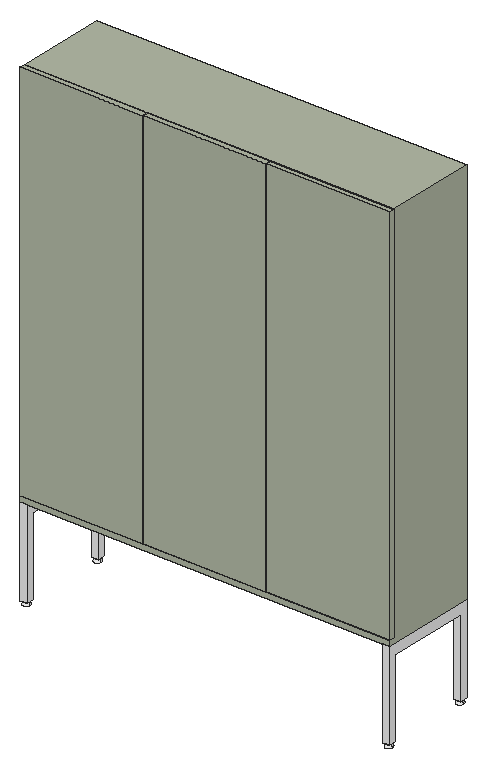
Revit family
Parameters (values of type "13.5" D  35" W  67.75" H (Ash)")
  Width = 4' - 4"
  URL = "www.coalesse.com"
  Type Comments = "CODWS5268"
  Hidden Right Leg = yes
  Model = "Live/Work - Denizen"
  Manufacturer = "Coalesse"
  Hidden Left Leg = yes
  Height = 5' - 7 3/4"
  Frame = Furniture_Denizen_Wardobe_Frame
  Encasement = Furniture_Denizen_Wardobe_Door/Encasement (Ash)
  Description = "Wardobe Storage Tower"
  Depth = 1' - 1 1/2"
  Cost = 5253
  Door Panel = Furniture_Denizen_Wardobe_Door/Encasement (Ash)
Types (10): name | Hidden Right Leg | Hidden Left Leg | Encasement | Cost | Door Panel
  (no name) | yes | yes | Furniture_Denizen_Wardobe_Door/Encasement (Ash) | 5253 | Furniture_Denizen_Wardobe_Door/Encasement (Ash)
  13.5" D  35" W  67.75" H (Ash) | yes | yes | Furniture_Denizen_Wardobe_Door/Encasement (Ash) | 5253 | Furniture_Denizen_Wardobe_Door/Encasement (Ash)
  13.5" D  35" W  67.75" H (Oak) | yes | yes | Furniture_Denizen_Wardobe_Door/Encasement (Oak) | 5100 | Furniture_Denizen_Wardobe_Door/Encasement (Oak)
  13.5" D  35" W  67.75" H (Teak) | yes | yes | Furniture_Denizen_Wardobe_Door/Encasement (Teak) | 6375 | Furniture_Denizen_Wardobe_Door/Encasement (Teak)
  13.5" D  35" W  67.75" H (Ash) wo/Left Legs | yes | no | Furniture_Denizen_Wardobe_Door/Encasement (Ash) | 5253 | Furniture_Denizen_Wardobe_Door/Encasement (Ash)
  13.5" D  35" W  67.75" H (Ash) wo/Right Legs | no | yes | Furniture_Denizen_Wardobe_Door/Encasement (Ash) | 5253 | Furniture_Denizen_Wardobe_Door/Encasement (Ash)
  13.5" D  35" W  67.75" H (Oak) wo/Left Legs | yes | no | Furniture_Denizen_Wardobe_Door/Encasement (Oak) | 5100 | Furniture_Denizen_Wardobe_Door/Encasement (Oak)
  13.5" D  35" W  67.75" H (Oak) wo/Right Legs | no | yes | Furniture_Denizen_Wardobe_Door/Encasement (Oak) | 5100 | Furniture_Denizen_Wardobe_Door/Encasement (Oak)
  13.5" D  35" W  67.75" H (Teak) wo/Left Legs | yes | no | Furniture_Denizen_Wardobe_Door/Encasement (Teak) | 6375 | Furniture_Denizen_Wardobe_Door/Encasement (Teak)
  13.5" D  35" W  67.75" H (Teak) wo/Right Legs | no | yes | Furniture_Denizen_Wardobe_Door/Encasement (Teak) | 6375 | Furniture_Denizen_Wardobe_Door/Encasement (Teak)
Reference planes (in)
  plane 1: z = 0
  plane 2 "Center L/R": x = 6
  plane 3: y = 13.85577
  plane 4: y = 14.85577
  plane 5: y = 2.35577
  plane 6: y = 1.35577
  plane 7: x = -20
  plane 8: x = -19
  plane 9: x = 31
  plane 10: x = 32
  plane 11: z = 11.43
  plane 12: z = 13.68
  plane 13: z = 12.93
  plane 14: z = 67.75
  plane 15: z = 0.5
  plane 16: z = 0.375
  plane 17: x = -19.8125
  plane 18: x = -19.1875
  plane 19: x = 31.8125
  plane 20: x = 31.1875
  plane 21: y = 14.66827
  plane 22: y = 14.04327
  plane 23: y = 2.16827
  plane 24: y = 1.54327
  plane 25 "bl": y = 14.35577
  plane 26 "fl": y = 1.85577
  plane 27: x = -19.5
  plane 28: x = 31.5
  plane 29: y = 8.10577
  plane 30: z = 13.74
  plane 31: x = -17
  plane 32: x = -16.9375
  plane 33: x = 29
  plane 34: x = 28.9375
  plane 35: y = 2.16577
  plane 36: y = 2.10577
  plane 37: y = 11.85577
  plane 38: y = 10.85577
  plane 39: y = 5.35577
  plane 40: y = 4.35577
  plane 41: z = 66.75
  plane 42: x = -16.6875
  plane 43: x = -17.25
  plane 44: x = 28.6875
  plane 45: x = 29.25
  plane 46: x = -2.66667
  plane 47: x = -2.72917
  plane 48: x = -2.60417
  plane 49: x = 14.66667
  plane 50: x = 14.60417
  plane 51: x = 14.72917
Forms (in)
  Extrusion 1, solid, material "Furniture_Denizen_Wardobe_Frame" <- "Frame", visible <- "Hidden Left Leg"
    sketch origin (6, 0, 0) x (0, 1, 0) y (0, 0, 1)
      loop
        line (14.85577, 12.93) -> (1.35577, 12.93) -> (1.35577, 0.5) -> (2.35577, 0.5) -> (2.35577, 11.43) -> (13.85577, 11.43) -> (13.85577, 0.5) -> (14.85577, 0.5) -> (14.85577, 12.93)
    from -26 to -25
  Extrusion 2, solid, material "Furniture_Denizen_Wardobe_Frame" <- "Frame", visible <- "Hidden Right Leg"
    sketch origin (6, 0, 0) x (0, 1, 0) y (0, 0, 1)
      loop
        line (1.35577, 0.5) -> (2.35577, 0.5) -> (2.35577, 11.43) -> (13.85577, 11.43) -> (13.85577, 0.5) -> (14.85577, 0.5) -> (14.85577, 12.93) -> (1.35577, 12.93) -> (1.35577, 0.5)
    from 25 to 26
  Extrusion 3, solid, material "Furniture_Denizen_Wardobe_Door/Encasement (Ash)" <- "Encasement"
    sketch origin (6, 0, 0) x (0, 1, 0) y (0, 0, 1)
      loop
        line (14.85577, 12.93) -> (14.85577, 13.68) -> (1.35577, 13.68) -> (1.35577, 12.93) -> (14.85577, 12.93)
    from -26 to 26
  Revolve 4, solid, material "Furniture_Denizen_Wardobe_Frame" <- "Frame", visible <- "Hidden Left Leg"
    sketch origin (0, 1.85577, 0) x (0, 0, -1) y (-1, 0, 0)
      loop
        line (0, 19.5) -> (0, 20) -> (-0.375, 19.8125) -> (-0.5, 19.8125) -> (-0.5, 19.5) -> (0, 19.5)
      axis (0, 19.5) -> (-0.5, 19.5)
    angle from 0 to 360
  Revolve 5, solid, material "Furniture_Denizen_Wardobe_Frame" <- "Frame", visible <- "Hidden Left Leg"
    sketch origin (0, 14.35577, 0) x (0, 0, -1) y (-1, 0, 0)
      loop
        line (0, 19.5) -> (0, 20) -> (-0.375, 19.8125) -> (-0.5, 19.8125) -> (-0.5, 19.5) -> (0, 19.5)
      axis (0, 19.5) -> (-0.5, 19.5)
    angle from 0 to 360
  Extrusion 6, solid, material "Furniture_Denizen_Wardobe_Frame" <- "Frame"
    sketch origin (6, 0, 0) x (0, 1, 0) y (0, 0, 1)
      loop
        line (11.85577, 12.93) -> (10.85577, 12.93) -> (10.85577, 11.43) -> (11.85577, 11.43) -> (11.85577, 12.93)
      loop
        line (5.35577, 12.93) -> (4.35577, 12.93) -> (4.35577, 11.43) -> (5.35577, 11.43) -> (5.35577, 12.93)
    from -22.9375 to 22.9375
  Extrusion 7, solid, material "Furniture_Denizen_Wardobe_Door/Encasement (Ash)" <- "Encasement"
    sketch origin (6, 0, 0) x (0, 1, 0) y (0, 0, 1)
      loop
        line (13.85577, 13.68) -> (14.85577, 13.68) -> (14.85577, 67.75) -> (13.85577, 67.75) -> (13.85577, 13.68)
    from -26 to 26
  Extrusion 8, solid, material "Furniture_Denizen_Wardobe_Door/Encasement (Ash)" <- "Encasement"
    sketch origin (0, 1.73077, 0) x (1, 0, 0) y (0, 0, 1)
      loop
        line (-19, 13.68) -> (-19, 66.75) -> (31, 66.75) -> (31, 13.68) -> (32, 13.68) -> (32, 67.75) -> (-20, 67.75) -> (-20, 13.68) -> (-19, 13.68)
    from -13.125 to -0.435
  Extrusion 9, solid, material "Furniture_Denizen_Wardobe_Frame" <- "Frame"
    sketch origin (0, 1.73077, 0) x (1, 0, 0) y (0, 0, 1)
      loop
        line (-16.9375, 12.93) -> (-16.9375, 11.43) -> (-16.6875, 11.43) -> (-16.6875, 12.93) -> (-16.9375, 12.93)
      loop
        line (28.6875, 12.93) -> (28.6875, 11.43) -> (28.9375, 11.43) -> (28.9375, 12.93) -> (28.6875, 12.93)
    from -9.125 to -3.625
  Extrusion 10, solid, material "Furniture_Denizen_Wardobe_Frame" <- "Frame", visible <- "Hidden Right Leg"
    sketch origin (0, 1.73077, 0) x (1, 0, 0) y (0, 0, 1)
      loop
        line (29, 12.93) -> (29, 11.43) -> (29.25, 11.43) -> (29.25, 12.93) -> (29, 12.93)
    from -9.125 to -3.625
  Extrusion 11, solid, material "Furniture_Denizen_Wardobe_Frame" <- "Frame", visible <- "Hidden Left Leg"
    sketch origin (0, 1.73077, 0) x (1, 0, 0) y (0, 0, 1)
      loop
        line (-17.25, 12.93) -> (-17.25, 11.43) -> (-17, 11.43) -> (-17, 12.93) -> (-17.25, 12.93)
    from -9.125 to -3.625
  Extrusion 12, solid, material "Furniture_Denizen_Wardobe_Frame" <- "Frame", visible <- "Hidden Left Leg"
    sketch origin (6, 0, 0) x (0, 1, 0) y (0, 0, 1)
      loop
        line (11.85577, 12.93) -> (10.85577, 12.93) -> (10.85577, 11.43) -> (11.85577, 11.43) -> (11.85577, 12.93)
    from -25 to -23
  Extrusion 13, solid, material "Furniture_Denizen_Wardobe_Frame" <- "Frame", visible <- "Hidden Left Leg"
    sketch origin (6, 0, 0) x (0, 1, 0) y (0, 0, 1)
      loop
        line (5.35577, 12.93) -> (4.35577, 12.93) -> (4.35577, 11.43) -> (5.35577, 11.43) -> (5.35577, 12.93)
    from -25 to -23
  Extrusion 14, solid, material "Furniture_Denizen_Wardobe_Frame" <- "Frame", visible <- "Hidden Right Leg"
    sketch origin (6, 0, 0) x (0, 1, 0) y (0, 0, 1)
      loop
        line (11.85577, 12.93) -> (10.85577, 12.93) -> (10.85577, 11.43) -> (11.85577, 11.43) -> (11.85577, 12.93)
    from 23 to 25
  Extrusion 15, solid, material "Furniture_Denizen_Wardobe_Frame" <- "Frame", visible <- "Hidden Right Leg"
    sketch origin (6, 0, 0) x (0, 1, 0) y (0, 0, 1)
      loop
        line (5.35577, 12.93) -> (4.35577, 12.93) -> (4.35577, 11.43) -> (5.35577, 11.43) -> (5.35577, 12.93)
    from 23 to 25
  Extrusion 16, solid, material "Furniture_Denizen_Wardobe_Door/Encasement (Ash)" <- "Door Panel"
    sketch origin (0, 1.73077, 0) x (1, 0, 0) y (0, 0, 1)
      loop
        line (-20, 67.75) -> (-20, 13.74) -> (-2.72917, 13.74) -> (-2.72917, 67.75) -> (-20, 67.75)
    from -0.375 to 0.375
  Extrusion 17, solid, material "Furniture_Denizen_Wardobe_Door/Encasement (Ash)" <- "Door Panel"
    sketch origin (0, 1.73077, 0) x (1, 0, 0) y (0, 0, 1)
      loop
        line (14.72917, 67.75) -> (14.72917, 13.74) -> (32, 13.74) -> (32, 67.75) -> (14.72917, 67.75)
    from -0.375 to 0.375
  Extrusion 18, solid, material "Furniture_Denizen_Wardobe_Door/Encasement (Ash)" <- "Door Panel"
    sketch origin (0, 1.73077, 0) x (1, 0, 0) y (0, 0, 1)
      loop
        line (-2.60417, 67.75) -> (-2.60417, 13.74) -> (14.60417, 13.74) -> (14.60417, 67.75) -> (-2.60417, 67.75)
    from -0.375 to 0.375
  Revolve 19, solid, material "Furniture_Denizen_Wardobe_Frame" <- "Frame", visible <- "Hidden Right Leg"
    sketch origin (0, 1.85577, -0.90123) x (0, 0, -1) y (-1, 0, 0)
      loop
        line (-0.90123, -31.5) -> (-0.90123, -31) -> (-1.27623, -31.1875) -> (-1.40123, -31.1875) -> (-1.40123, -31.5) -> (-0.90123, -31.5)
      axis (-0.90123, -31.5) -> (-1.40123, -31.5)
    angle from 0 to 360
  Revolve 20, solid, material "Furniture_Denizen_Wardobe_Frame" <- "Frame", visible <- "Hidden Right Leg"
    sketch origin (0, 14.35577, 0) x (0, 0, -1) y (-1, 0, 0)
      loop
        line (0, -31.5) -> (0, -31) -> (-0.375, -31.1875) -> (-0.5, -31.1875) -> (-0.5, -31.5) -> (0, -31.5)
      axis (0, -31.5) -> (-0.5, -31.5)
    angle from 0 to 360
Cuts and joins
  joined: Extrusion 3, Extrusion 7, Extrusion 8
  joined: Extrusion 6, Extrusion 9
  joined: Extrusion 1, Revolve 4, Revolve 5
  joined: Extrusion 2, Revolve 19, Revolve 20
Dimensions and locks (in)
  locked: plane 4 to plane 3 at 1
  locked: plane 6 to plane 5 at 1
  locked: plane 7 to plane 8 at 1
  locked: plane 9 to plane 10 at 1
  "Height": plane 14 to level
  plane 15 to plane 16 to level = 0' - 0 1/8" locked, 0' - 0 3/8" locked
  locked: plane 17 to plane 7 at 0.1875
  locked: plane 18 to plane 8 at 0.1875
  locked: plane 20 to plane 9 at 0.1875
  locked: plane 10 to plane 19 at 0.1875
  locked: plane 4 to plane 21 at 0.1875
  locked: plane 22 to plane 3 at 0.1875
  locked: plane 5 to plane 23 at 0.1875
  locked: plane 24 to plane 6 at 0.1875
  equal spacing: plane 4, plane 25 "bl", plane 3
  equal spacing: plane 5, plane 26 "fl", plane 6
  "Width": plane 10 to plane 7
  locked: plane 10 to plane 28 at 0.5
  locked: plane 7 to plane 27 at 0.5
  equal spacing: plane 4, plane 29, plane 6
  "Depth": plane 4 to plane 6
  plane 32 to plane 31 to plane 8 = 0' - 0 1/16" locked, 0' - 2" locked
  locked: plane 34 to plane 33 at 0.0625
  locked: plane 33 to plane 9 at 2
  plane 30 to plane 12 to plane 13 to plane 11 to plane 15 = 0' - 0.06" locked, 0' - 0 3/4" locked, 0' - 1 1/2" locked, 0' - 10.93" locked
  locked: plane 36 to plane 6 at 0.75
  locked: plane 35 to plane 36 at 0.06
  locked: plane 37 to plane 38 at 1
  locked: plane 39 to plane 40 at 1
  locked: plane 3 to plane 37 at 2
  locked: plane 40 to plane 5 at 2
  locked: plane 14 to plane 41 at 1
  locked: plane 42 to plane 32 at 0.25
  locked: plane 43 to plane 31 at 0.25
  locked: plane 34 to plane 44 at 0.25
  locked: plane 45 to plane 33 at 0.25
  plane 48 to plane 46 to plane 47 = 0' - 0 1/16" locked, 0' - 0 1/16" locked
  plane 51 to plane 49 to plane 50 = 0' - 0 1/16" locked, 0' - 0 1/16" locked
  equal spacing: plane 10, plane 49, plane 46, plane 7
  aligned and locked: Extrusion 1 to plane 7
  aligned and locked: plane 8 to Extrusion 1
  aligned and locked: plane 10 to Extrusion 2
  aligned and locked: Extrusion 2 to plane 9
  aligned and locked: plane 13 to Extrusion 1 sketch curve
  aligned and locked: plane 13 to Extrusion 2 sketch curve
  aligned and locked: plane 12 to Extrusion 3 sketch curve
  aligned and locked: Extrusion 3 sketch curve to plane 13
  aligned and locked: Extrusion 3 to plane 7
  aligned and locked: plane 10 to Extrusion 3
  aligned and locked: Extrusion 3 sketch curve to plane 4
  aligned and locked: plane 3 to Extrusion 7 sketch curve
  aligned and locked: plane 4 to Extrusion 7 sketch curve
  aligned and locked: plane 12 to Extrusion 7 sketch curve
  aligned and locked: Extrusion 7 sketch curve to plane 14
  aligned and locked: Extrusion 7 to plane 7
  aligned and locked: plane 10 to Extrusion 7
  aligned and locked: plane 12 to Extrusion 8 sketch curve  (x2)
  aligned and locked: Extrusion 8 sketch curve to plane 7
  aligned and locked: plane 8 to Extrusion 8 sketch curve
  aligned and locked: Extrusion 8 sketch curve to plane 9
  aligned and locked: plane 10 to Extrusion 8 sketch curve
  aligned and locked: plane 41 to Extrusion 8 sketch curve
  aligned and locked: Extrusion 8 sketch curve to plane 14
  aligned and locked: plane 4 to Extrusion 8
  aligned and locked: plane 35 to Extrusion 8
  aligned and locked: plane 42 to Extrusion 9 sketch curve
  aligned and locked: plane 32 to Extrusion 9 sketch curve
  aligned and locked: plane 34 to Extrusion 9 sketch curve
  aligned and locked: plane 44 to Extrusion 9 sketch curve
  aligned and locked: Extrusion 10 to plane 39
  aligned and locked: Extrusion 9 to plane 39
  aligned and locked: Extrusion 11 to plane 39
  aligned and locked: Extrusion 6 to plane 34
  aligned and locked: plane 37 to Extrusion 12 sketch curve
  aligned and locked: Extrusion 12 sketch curve to plane 38
  aligned and locked: plane 11 to Extrusion 12 sketch curve
  aligned and locked: Extrusion 12 sketch curve to plane 13
  aligned and locked: Extrusion 12 to plane 8
  aligned and locked: plane 31 to Extrusion 12
  aligned and locked: plane 39 to Extrusion 13 sketch curve
  aligned and locked: Extrusion 13 sketch curve to plane 40
  aligned and locked: plane 11 to Extrusion 13 sketch curve
  aligned and locked: Extrusion 13 sketch curve to plane 13
  aligned and locked: Extrusion 13 to plane 8
  aligned and locked: plane 31 to Extrusion 13
  aligned and locked: plane 37 to Extrusion 14 sketch curve
  aligned and locked: Extrusion 14 sketch curve to plane 38
  aligned and locked: plane 11 to Extrusion 14 sketch curve
  aligned and locked: Extrusion 14 sketch curve to plane 13
  aligned and locked: plane 9 to Extrusion 14
  aligned and locked: plane 33 to Extrusion 14
  aligned and locked: plane 39 to Extrusion 15 sketch curve
  aligned and locked: Extrusion 15 sketch curve to plane 40
  aligned and locked: Extrusion 15 sketch curve to plane 13
  aligned and locked: plane 11 to Extrusion 15 sketch curve
  aligned and locked: plane 9 to Extrusion 15
  aligned and locked: plane 33 to Extrusion 15
  aligned and locked: plane 7 to Extrusion 16 sketch curve
  aligned and locked: plane 30 to Extrusion 16 sketch curve
  aligned and locked: plane 14 to Extrusion 16 sketch curve
  aligned and locked: plane 30 to Extrusion 17 sketch curve
  aligned and locked: Extrusion 17 sketch curve to plane 10
  aligned and locked: plane 14 to Extrusion 17 sketch curve
  aligned and locked: Extrusion 16 to plane 36
  aligned and locked: plane 6 to Extrusion 16
  aligned and locked: Extrusion 17 to plane 36
  aligned and locked: plane 6 to Extrusion 17
  aligned and locked: plane 51 to Extrusion 17
  aligned and locked: plane 47 to Extrusion 16
  aligned and locked: plane 48 to Extrusion 18 sketch curve
  aligned and locked: plane 30 to Extrusion 18 sketch curve
  aligned and locked: Extrusion 18 sketch curve to plane 50
  aligned and locked: plane 14 to Extrusion 18 sketch curve
  aligned and locked: Extrusion 18 to plane 36
  aligned and locked: plane 6 to Extrusion 18
  aligned and locked: Extrusion 6 to plane 32
  aligned and locked: plane 28 to Revolve 19 sketch curve
Automatic sketch dimensions
  Extrusion 1 sketch curve to plane 6 = 0' - 0"
  Extrusion 1 sketch curve to plane 5 = 0' - 0"
  Extrusion 1 sketch curve to plane 3 = 0' - 0"
  Extrusion 1 sketch curve to plane 4 = 0' - 0"
  Extrusion 1 sketch curve to plane 15 = 0' - 0"  (x2)
  Extrusion 1 sketch curve to plane 11 = 0' - 0"
  Extrusion 2 sketch curve to plane 6 = 0' - 0"
  Extrusion 2 sketch curve to plane 5 = 0' - 0"
  Extrusion 2 sketch curve to plane 3 = 0' - 0"
  Extrusion 2 sketch curve to plane 4 = 0' - 0"
  Extrusion 2 sketch curve to plane 15 = 0' - 0"  (x2)
  Extrusion 2 sketch curve to plane 11 = 0' - 0"
  Extrusion 3 sketch curve to plane 6 = 0' - 0"
  Revolve 4 sketch curve to plane 27 = 0' - 0"  (x2)
  Revolve 4 sketch curve to plane 15 = 0' - 0"
  Revolve 4 sketch curve to plane 16 = 0' - 0"
  Revolve 4 sketch curve to level = 0' - 0"
  Revolve 4 sketch curve to plane 17 = 0' - 0"
  Revolve 4 sketch curve to plane 7 = 0' - 0"
  Revolve 4 sketch curve to Revolve 4 sketch curve = 0' - 0.28919"
  Revolve 4 sketch curve to Revolve 4 sketch curve = 0' - 0.34667"
  Revolve 5 sketch curve to plane 27 = 0' - 0"  (x2)
  Revolve 5 sketch curve to plane 15 = 0' - 0"
  Revolve 5 sketch curve to plane 16 = 0' - 0"
  Revolve 5 sketch curve to level = 0' - 0"
  Revolve 5 sketch curve to plane 17 = 0' - 0"
  Revolve 5 sketch curve to plane 7 = 0' - 0"
  Revolve 5 sketch curve to Revolve 5 sketch curve = 0' - 0.28919"
  Revolve 5 sketch curve to Revolve 5 sketch curve = 0' - 0.34667"
  Extrusion 6 sketch curve to plane 13 = 0' - 0"  (x2)
  Extrusion 6 sketch curve to plane 40 = 0' - 0"
  Extrusion 6 sketch curve to plane 11 = 0' - 0"  (x2)
  Extrusion 6 sketch curve to plane 39 = 0' - 0"
  Extrusion 6 sketch curve to plane 38 = 0' - 0"
  Extrusion 6 sketch curve to plane 37 = 0' - 0"
  Extrusion 9 sketch curve to plane 11 = 0' - 0"  (x2)
  Extrusion 9 sketch curve to plane 13 = 0' - 0"  (x2)
  Extrusion 10 sketch curve to plane 11 = 0' - 0"
  Extrusion 10 sketch curve to plane 33 = 0' - 0"
  Extrusion 10 sketch curve to plane 45 = 0' - 0"
  Extrusion 10 sketch curve to plane 13 = 0' - 0"
  Extrusion 11 sketch curve to plane 11 = 0' - 0"
  Extrusion 11 sketch curve to plane 43 = 0' - 0"
  Extrusion 11 sketch curve to plane 31 = 0' - 0"
  Extrusion 11 sketch curve to plane 13 = 0' - 0"
  Extrusion 16 sketch curve to plane 47 = 0' - 0"
  Extrusion 17 sketch curve to plane 51 = 0' - 0"
  Revolve 19 sketch curve to plane 15 = 0' - 0"
  Revolve 19 sketch curve to plane 16 = 0' - 0"
  Revolve 19 sketch curve to level = 0' - 0"
  Revolve 19 sketch curve to plane 28 = 0' - 0"
  Revolve 19 sketch curve to plane 20 = 0' - 0"
  Revolve 19 sketch curve to plane 9 = 0' - 0"
  Revolve 19 sketch curve to Revolve 19 sketch curve = 0' - 0.32823"
  Revolve 19 sketch curve to level = 0' - 0.37598"
  Revolve 20 sketch curve to plane 28 = 0' - 0"  (x2)
  Revolve 20 sketch curve to plane 15 = 0' - 0"
  Revolve 20 sketch curve to plane 16 = 0' - 0"
  Revolve 20 sketch curve to level = 0' - 0"
  Revolve 20 sketch curve to plane 20 = 0' - 0"
  Revolve 20 sketch curve to plane 9 = 0' - 0"
  Revolve 20 sketch curve to Revolve 20 sketch curve = 0' - 0.32823"
  Revolve 20 sketch curve to level = 0' - 0.37598"
